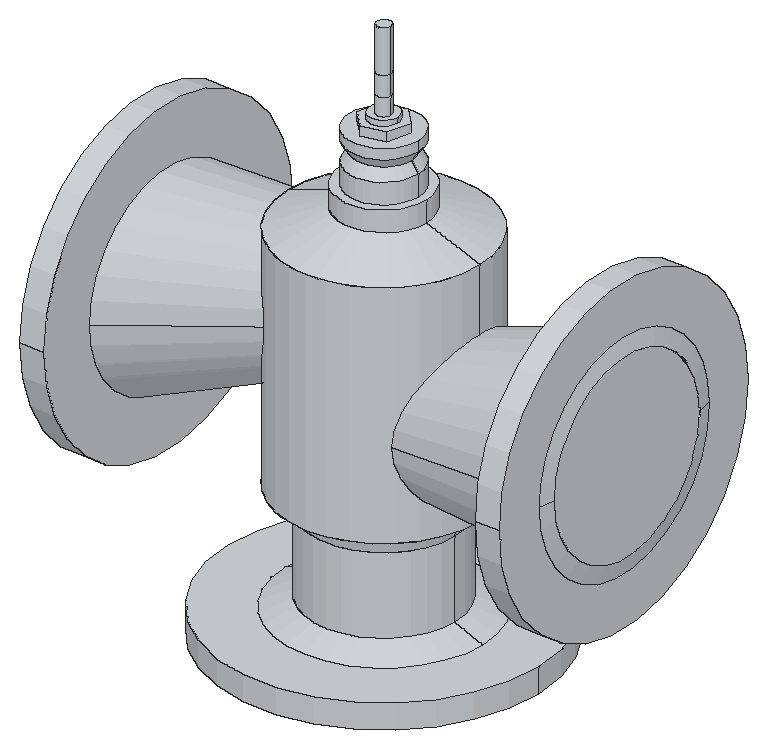
Revit family "3FGB_PN16_DN065_RFA_2018", category Pipe Accessories, Revit 2018
Family settings
  Round Connector Dimension = Use Diameter
  Part Type = Valve - Breaks Into
  Work Plane-Based = No
  Always vertical = Yes
  Cut with Voids When Loaded = No
  Shared = No
Parameters (values of type "3FGB PN16 DN065")
  magiProductId = ""
  magiProductFamilyId = ""
  magiPartTypeId = 320
  isMeasuringValve [instance] = no
  ang2D [instance] = 0.00°
  Z9 = 4.2 mm
  Z8 = 5.7 mm
  Z7 = 3 mm
  Z6 = 6 mm
  Z5 = 6 mm
  Z4 = 12 mm
  Z3 = 136.6 mm
  Z19 = 9.9 mm
  Z18 = 16.25 mm
  Z17 = 2.5 mm
  Z16 = 6.25 mm
  Z15 = 33.25 mm
  Z14__ve = -Z14  # -11.875 mm
  Z14 = 11.875 mm
  Z13 = 6.535 mm
  Z12 = 45.745 mm
  Z11 = 58 mm
  Z10 = 5.1 mm
  Y1 = 51.48 mm
  X4 = 14.3 mm
  X3 = 22.88 mm
  X2__ve = -X2  # -14.3 mm
  X2 = 14.3 mm
  X1 = 2 mm
  W2D = 65 mm
  VersionID = ""
  Use Minimum Symbol Size [instance] = no
  URL = "www.hydronix.cz"
  Type Comments = "Přírubový; EQM charakteristika ve směru A-AB; PN16; -10~+150°C"
  R9 = 4 mm
  R8 = 6.255 mm
  R7 = 8.34 mm
  R6 = 13.9 mm
  R5 = 16.474 mm
  R4 = 20.592 mm
  R3 = 25.74 mm
  R2 = 44.25 mm
  R13 = 42.48 mm
  R12 = 4.378 mm
  R11 = 8.444 mm
  R10 = 5.629 mm
  R1 = 35.4 mm
  QmdConnectorList = "301;D;302;D;303;D"
  Productdata [instance] = ""
  N = 4
  Manufacturer = "Hydronix"
  Maintenance Zone Under Depth [instance] = 175 mm
  Maintenance Zone Right Depth [instance] = 145 mm
  Maintenance Zone Over Depth [instance] = 180 mm
  Maintenance Zone Left Depth [instance] = 145 mm
  Maintenance Zone Front Depth [instance] = 92.5 mm
  Maintenance Zone Back Depth [instance] = 92.5 mm
  Maintenance Zone Front Visibility [instance] = no
  MT = 2
  MC Product Code = "3FGB65 (DN65; PN16; kvs63)"
  MC = yes
  LT2 = 145 mm
  L2D_Min = 30.48 mm
  L2D = 290 mm
  L = 290 mm
  HD = 18 mm
  HCDT2 = 59 mm
  HCD = 145 mm
  H4 = 145 mm
  H3 = 95 mm
  H2 = 25 mm
  H1 = 155 mm
  FDT2 = 92.5 mm
  FD = 185 mm
  Description = "3 cestný regulační ventil přírubový; DN65; PN16; kvs63; zdvih 25mm"
  DT2 = 32.5 mm
  D4 = 53.975 mm
  D3 = 63.5 mm
  D2 = 57.2 mm
  D = 65 mm
  CenSd_R6_6 = R6 * cos(30.00°)  # 12.037 mm
  Clearance Zone Height Depth [instance] = 180 mm
  Clearance Zone Circular Radius [instance] = 145 mm
  Clearance Zone Visibility [instance] = no
  CAT0 = yes
  CAT = no
  Assembly Code = ""
  A1 = 109.28 mm
Types (5, lengths in mm): name | Z9 | Z8 | Z6 | Z5 | Z4 | Z3 | Z19 | Z18 | Z17 | Z16 | Z15 | Z14__ve | Z14 | Z13 | Z12 | Z11 | Z10 | Y1 | X4 | X3 | X2__ve | X2 | W2D | R8 | R7 | R6 | R5 | R4 | R3 | R2 | R13 | R12 | R11 | R10 | R1 | N | Maintenance Zone Under Depth | Maintenance Zone Right Depth | Maintenance Zone Over Depth | Maintenance Zone Left Depth | Maintenance Zone Front Depth | Maintenance Zone Back Depth | MC Product Code | LT2 | L2D | L | HD | HCDT2 | HCD | H4 | H3 | H2 | H1 | FDT2 | FD | Description | DT2 | D4 | D3 | D2 | D | CenSd_R6_6 | Clearance Zone Height Depth | Clearance Zone Circular Radius | A1
  3FGB PN16 DN100 | 4.165 | 5.602 | 5.95 | 5.95 | 11.9 | 166.225 | 9.767 | 29.25 | 4.5 | 11.25 | 40.775 | -14.562 | 14.562 | 7.885 | 55.195 | 72 | 5.082 | 62.28 | 17.3 | 27.68 | -17.3 | 17.3 | 100 | 7.567 | 10.089 | 16.816 | 19.93 | 24.912 | 31.14 | 57.375 | 55.08 | 5.297 | 10.215 | 6.81 | 45.9 | 8 | 207 | 175 | 221 | 175 | 110 | 110 | "3FGB100 (DN100; PN16; kvs130)" | 175 | 350 | 350 | 18 | 76.5 | 180 | 175 | 116.5 | 45 | 176 | 110 | 220 | "3 cestný regulační ventil přírubový; DN100; PN16; kvs130; zdvih 45mm" | 50 | 68.85 | 81 | 69.2 | 100 | 14.563 | 221 | 175 | 132.98
  3FGB PN16 DN125 | 4.2 | 5.7 | 6 | 6 | 12 | 194.35 | 9.9 | 29.25 | 4.5 | 11.25 | 48.65 | -17.375 | 17.375 | 9.01 | 63.07 | 84 | 5.1 | 71.28 | 19.8 | 31.68 | -19.8 | 19.8 | 125 | 8.661 | 11.547 | 19.246 | 22.81 | 28.512 | 35.64 | 68.625 | 65.88 | 6.062 | 11.692 | 7.794 | 54.9 | 8 | 234 | 200 | 244 | 200 | 125 | 125 | "3FGB125 (DN125; PN16; kvs200)" | 200 | 400 | 400 | 18 | 91.5 | 210 | 200 | 139 | 45 | 199 | 125 | 250 | "3 cestný regulační ventil přírubový; DN125; PN16; kvs200; zdvih 45mm" | 62.5 | 81.6 | 96 | 79.2 | 125 | 16.667 | 244 | 200 | 155.48
  3FGB PN16 DN150 | 4.2 | 5.7 | 6 | 6 | 12 | 225.85 | 9.9 | 29.25 | 4.5 | 11.25 | 54.95 | -19.625 | 19.625 | 10.81 | 75.67 | 96 | 5.1 | 85.68 | 23.8 | 38.08 | -23.8 | 23.8 | 150 | 10.41 | 13.88 | 23.134 | 27.418 | 34.272 | 42.84 | 77.625 | 74.52 | 7.287 | 14.054 | 9.369 | 62.1 | 8 | 277 | 240 | 262 | 240 | 142.5 | 142.5 | "3FGB150 (DN150; PN16; kvs300)" | 240 | 480 | 480 | 22 | 103.5 | 240 | 240 | 157 | 45 | 217 | 142.5 | 285 | "3 cestný regulační ventil přírubový; DN150; PN16; kvs300; zdvih 45mm" | 75 | 92.65 | 109 | 95.2 | 150 | 20.034 | 262 | 240 | 180.68
  3FGB PN16 DN065 | 4.2 | 5.7 | 6 | 6 | 12 | 136.6 | 9.9 | 16.25 | 2.5 | 6.25 | 33.25 | -11.875 | 11.875 | 6.535 | 45.745 | 58 | 5.1 | 51.48 | 14.3 | 22.88 | -14.3 | 14.3 | 65 | 6.255 | 8.34 | 13.9 | 16.474 | 20.592 | 25.74 | 44.25 | 42.48 | 4.378 | 8.444 | 5.629 | 35.4 | 4 | 175 | 145 | 180 | 145 | 92.5 | 92.5 | "3FGB65 (DN65; PN16; kvs63)" | 145 | 290 | 290 | 18 | 59 | 145 | 145 | 95 | 25 | 155 | 92.5 | 185 | "3 cestný regulační ventil přírubový; DN65; PN16; kvs63; zdvih 25mm" | 32.5 | 53.975 | 63.5 | 57.2 | 65 | 12.037 | 180 | 145 | 109.28
  3FGB PN16 DN080 | 4.2 | 5.7 | 6 | 6 | 12 | 148.6 | 9.9 | 29.25 | 4.5 | 11.25 | 36.75 | -13.125 | 13.125 | 6.985 | 48.895 | 64 | 5.1 | 55.08 | 15.3 | 24.48 | -15.3 | 15.3 | 80 | 6.692 | 8.923 | 14.872 | 17.626 | 22.032 | 27.54 | 49.875 | 47.88 | 4.685 | 9.034 | 6.023 | 39.9 | 4 | 187 | 155 | 210 | 155 | 100 | 100 | "3FGB80 (DN80; PN16; kvs100)" | 155 | 310 | 310 | 18 | 66.5 | 160 | 155 | 105 | 45 | 165 | 100 | 200 | "3 cestný regulační ventil přírubový; DN80; PN16; kvs100; zdvih 45mm" | 40 | 60.35 | 71 | 61.2 | 80 | 12.879 | 210 | 155 | 118.88
Reference planes
  plane 1 "Center (Front/Back)": y = 0
  plane 2 "XYPLANE": z = 0
  plane 3 "Center (Left/Right)": x = 0
  plane 4 "227": z = -175
  plane 5 "226": y = 92.5
  plane 6 "225": y = -92.5
  plane 7 "224": x = 145
  plane 8 "223": x = -145
  plane 9 "222": z = 180
  plane 10 "182": z = 155
  plane 11 "161": z = 143
  plane 12 "158": z = 137.3
  plane 13 "150": z = 133.1
  plane 14 "148": z = 130.1
  plane 15 "142": z = 125
  plane 16 "136": z = 119
  plane 17 "135": z = 113
  plane 18 "131": z = 107
  plane 19 "78": z = 71.25
  plane 20 "77": z = 83.125
  plane 21 "74": z = 95
  plane 22 "70": z = -65.35
  plane 23 "65": z = -71.885
  plane 24 "64": z = -78.42
  plane 25 "58": z = -124.165
  plane 26 "57": z = -130.7
  plane 27 "46": z = -145
  plane 28 "28": x = 128.7
  plane 29 "27": x = 143
  plane 30 "21": z = -20
  plane 31 "16": z = 33.25
  plane 32 "13": x = -128.7
  plane 33 "7": x = -143
  plane 34 "6": x = 145
  plane 35 "5": x = -145
  plane 36 "3": y = 0
  plane 37 "2": z = 0
  plane 38 "1": x = 0
Forms (mm)
  Extrusion 1, solid, visible <- "Clearance Zone Visibility"
    sketch origin (-750, 0, 0) x (1, 0, 0) y (0, 1, 0)
      loop
        circle (750, 0) r 145
    from 0 to 180 <- "Clearance Zone Height Depth"
  Blend 2, solid, visible <- "Maintenance Zone Front Visibility"
    base sketch origin (-750, 0, 180) x (1, 0, 0) y (0, 1, 0)
      loop
        line (605, 92.5) -> (605, -92.5) -> (895, -92.5) -> (895, 92.5) -> (605, 92.5)
    top sketch origin (-750, 0, 180) x (1, 0, 0) y (0, 1, 0)
      loop
        line (605, 92.5) -> (605, -92.5) -> (895, -92.5) -> (895, 92.5) -> (605, 92.5)
    from 0 to -355
  Extrusion 3, solid
    sketch origin (-750, 0, 133.1) x (1, 0, 0) y (0, 1, 0)
      loop
        circle (750, 0) r 4.378
    from 0 to 9.9 <- "Z19"
  Extrusion 4, solid
    sketch origin (-750, 0, 155) x (1, 0, 0) y (0, 1, 0)
      loop
        circle (750, 0) r 4
    from 0 to 25 <- "H2"
  Extrusion 5, solid
    sketch origin (-750, 0, 143) x (1, 0, 0) y (0, 1, 0)
      loop
        circle (750, 0) r 4
    from 0 to 12 <- "Z4"
  Extrusion 6, solid
    sketch origin (-750, 0, 130.1) x (1, 0, 0) y (0, 1, 0)
      loop
        circle (750, 0) r 8.34
    from 0 to 3 <- "Z7"
  Extrusion 7, solid
    sketch origin (-750, 0, 125) x (1, 0, 0) y (0, 1, 0)
      loop
        line (759.829, -9.829) -> (763.426, 3.597) -> (753.597, 13.426) -> (740.171, 9.829) -> (736.574, -3.597) -> (746.403, -13.426) -> (759.829, -9.829)
    from 0 to 5.1 <- "Z10"
  Extrusion 8, solid
    sketch origin (-750, 0, 119) x (1, 0, 0) y (0, 1, 0)
      loop
        circle (750, 0) r 20.592
    from 0 to 6 <- "Z6"
  Blend 9, solid
    base sketch origin (-750, 0, 113) x (1, 0, 0) y (0, 1, 0)
      loop
        circle (750, 0) r 16.474
    top sketch origin (-750, 0, 113) x (1, 0, 0) y (0, 1, 0)
      loop
        circle (750, 0) r 20.592
    from 0 to 6
  Blend 10, solid
    base sketch origin (-750, 0, 107) x (1, 0, 0) y (0, 1, 0)
      loop
        circle (750, 0) r 20.592
    top sketch origin (-750, 0, 107) x (1, 0, 0) y (0, 1, 0)
      loop
        circle (750, 0) r 16.474
    from 0 to 6
  Extrusion 11, solid
    sketch origin (-750, 0, 95) x (1, 0, 0) y (0, 1, 0)
      loop
        circle (750, 0) r 20.592
    from 0 to 12 <- "Z4"
  Extrusion 12, solid
    sketch origin (-750, 0, 95) x (1, 0, 0) y (0, 1, 0)
      loop
        circle (750, 0) r 25.74
    from 0 to -11.875 <- "Z14__ve"
  Blend 13, solid
    base sketch origin (-750, 0, 71.25) x (1, 0, 0) y (0, 1, 0)
      loop
        circle (750, 0) r 57.2
    top sketch origin (-750, 0, 71.25) x (1, 0, 0) y (0, 1, 0)
      loop
        circle (750, 0) r 25.74
    from 0 to 11.875
  Blend 14, solid
    base sketch origin (-750, 0, -71.885) x (1, 0, 0) y (0, 1, 0)
      loop
        circle (750, 0) r 44.25
    top sketch origin (-750, 0, -71.885) x (1, 0, 0) y (0, 1, 0)
      loop
        circle (750, 0) r 57.2
    from 0 to 6.535
  Blend 15, solid
    base sketch origin (-750, 0, -78.42) x (1, 0, 0) y (0, 1, 0)
      loop
        circle (750, 0) r 42.48
    top sketch origin (-750, 0, -78.42) x (1, 0, 0) y (0, 1, 0)
      loop
        circle (750, 0) r 44.25
    from 0 to 6.535
  Extrusion 16, solid
    sketch origin (-750, 0, -124.165) x (1, 0, 0) y (0, 1, 0)
      loop
        circle (750, 0) r 42.48
    from 0 to 45.745 <- "Z12"
  Blend 17, solid
    base sketch origin (-750, 0, -130.7) x (1, 0, 0) y (0, 1, 0)
      loop
        circle (750, 0) r 59
    top sketch origin (-750, 0, -130.7) x (1, 0, 0) y (0, 1, 0)
      loop
        circle (750, 0) r 42.48
    from 0 to 6.535
  Extrusion 18, solid
    sketch origin (-750, 0, -145) x (1, 0, 0) y (0, 1, 0)
      loop
        circle (750, 0) r 92.5
    from 0 to 14.3 <- "X4"
  Blend 19, solid
    base sketch origin (143, -750, 0) x (0, 1, 0) y (0, 0, 1)
      loop
        circle (750, 0) r 63.5
    top sketch origin (143, -750, 0) x (0, 1, 0) y (0, 0, 1)
      loop
        circle (750, 0) r 53.975
    from 0 to 2
  Blend 20, solid
    base sketch origin (-145, -750, 0) x (0, 1, 0) y (0, 0, 1)
      loop
        circle (750, 0) r 53.975
    top sketch origin (-145, -750, 0) x (0, 1, 0) y (0, 0, 1)
      loop
        circle (750, 0) r 63.5
    from 0 to 2
  Extrusion 21, solid
    sketch origin (143, -750, 0) x (0, 1, 0) y (0, 0, 1)
      loop
        circle (750, 0) r 92.5
    from 0 to -14.3 <- "X2__ve"
  Blend 22, solid
    base sketch origin (0, -750, 0) x (0, 1, 0) y (0, 0, 1)
      loop
        circle (750, -20) r 35.4
    top sketch origin (0, -750, 0) x (0, 1, 0) y (0, 0, 1)
      loop
        circle (750, 0) r 59
    from 0 to 128.7
  Extrusion 23, solid
    sketch origin (-750, 0, -65.35) x (1, 0, 0) y (0, 1, 0)
      loop
        circle (750, 0) r 57.2
    from 0 to 136.6 <- "Z3"
  Blend 24, solid
    base sketch origin (-128.7, -750, 0) x (0, 1, 0) y (0, 0, 1)
      loop
        circle (750, 0) r 59
    top sketch origin (-128.7, -750, 0) x (0, 1, 0) y (0, 0, 1)
      loop
        circle (750, 33.25) r 35.4
    from 0 to 128.7
  Extrusion 25, solid
    sketch origin (-143, -750, 0) x (0, 1, 0) y (0, 0, 1)
      loop
        circle (750, 0) r 92.5
    from 0 to 14.3 <- "X2"
  Extrusion 26, solid, not visible
    sketch origin (-750, 0, -145) x (1, 0, 0) y (0, 1, 0)
      loop
        circle (750, 0) r 10
    from 0 to 10
  Extrusion 27, solid, not visible
    sketch origin (145, -750, 0) x (0, 1, 0) y (0, 0, 1)
      loop
        circle (750, 0) r 10
    from 0 to -10
  Extrusion 28, solid, not visible
    sketch origin (-145, -750, 0) x (0, 1, 0) y (0, 0, 1)
      loop
        circle (750, 0) r 10
    from 0 to 10
Lines and regions (mm)
  reference lines, not visible
    curve 1: circle (2, 2, 0) r 1 normal (0, 0, 1)
  reference lines
    curve 2: line (0, 0, 125) -> (2.176, 8.121, 125)
    curve 3: line (0, 0, 125) -> (-5.945, 5.945, 125)
    curve 4: line (0, 0, 125) -> (-8.121, -2.176, 125)
Dimensions and locks
  plane 1 "Center (Front/Back)" to curve 1 = 2 mm
  "Maintenance Zone Under Depth": plane 2 "XYPLANE" to plane 4 "227"
  "Maintenance Zone Back Depth": plane 1 "Center (Front/Back)" to plane 5 "226"
  "Maintenance Zone Front Depth": plane 1 "Center (Front/Back)" to plane 6 "225"
  "Maintenance Zone Right Depth": plane 3 "Center (Left/Right)" to plane 7 "224"
  "Maintenance Zone Left Depth": plane 3 "Center (Left/Right)" to plane 8 "223"
  "Maintenance Zone Over Depth": plane 2 "XYPLANE" to plane 9 "222"
  "Z4": plane 11 "161" to plane 10 "182"
  "Z8": plane 12 "158" to plane 11 "161"
  "Z9": plane 13 "150" to plane 12 "158"
  "Z7": plane 14 "148" to plane 13 "150"
  "Z10": plane 15 "142" to plane 14 "148"
  "Z6": plane 16 "136" to plane 15 "142"
  "Z5": plane 17 "135" to plane 16 "136"
  "Z5": plane 18 "131" to plane 17 "135"
  "Z4": plane 21 "74" to plane 18 "131"
  "Z14": plane 20 "77" to plane 19 "78"
  "Z14": plane 21 "74" to plane 20 "77"
  "H3": plane 2 "XYPLANE" to plane 21 "74"
  "Z13": plane 23 "65" to plane 22 "70"
  "Z13": plane 24 "64" to plane 23 "65"
  "Z12": plane 25 "58" to plane 24 "64"
  "Z13": plane 26 "57" to plane 25 "58"
  "X4": plane 27 "46" to plane 26 "57"
  "H4": plane 2 "XYPLANE" to plane 27 "46"
  "X2": plane 29 "27" to plane 28 "28"
  "X1": plane 34 "6" to plane 29 "27"
  locked: plane 37 "2" to plane 30 "21" at 20
  "Z15": plane 37 "2" to plane 31 "16"
  "X2": plane 33 "7" to plane 32 "13"
  "X1": plane 35 "5" to plane 33 "7"
  "LT2": plane 3 "Center (Left/Right)" to plane 34 "6"
  "LT2": plane 3 "Center (Left/Right)" to plane 35 "5"
  locked: plane 1 "Center (Front/Back)" to plane 36 "3"
  locked: plane 2 "XYPLANE" to plane 37 "2"
  locked: plane 3 "Center (Left/Right)" to plane 38 "1"
  Blend 2 sketch curve to Blend 2 sketch curve = 0 mm  (x16)
  "CenSd_R6_6": curve 2 to Extrusion 7 sketch curve  (x2)
  "CenSd_R6_6": curve 3 to Extrusion 7 sketch curve  (x2)
  "CenSd_R6_6": curve 4 to Extrusion 7 sketch curve  (x2)
  Extrusion 7 sketch curve to Extrusion 7 sketch curve = 0 mm  (x12)
  "Clearance Zone Circular Radius": radius of Extrusion 1 sketch curve
  "R12": radius of Extrusion 3 sketch curve
  "R9": radius of Extrusion 4 sketch curve
  "R9": radius of Extrusion 5 sketch curve
  "R7": radius of Extrusion 6 sketch curve
  "R4": radius of Extrusion 8 sketch curve
  "R4": radius of Blend 9 sketch curve
  "R5": radius of Blend 9 sketch curve
  "R5": radius of Blend 10 sketch curve
  "R4": radius of Blend 10 sketch curve
  "R4": radius of Extrusion 11 sketch curve
  "R3": radius of Extrusion 12 sketch curve
  "R3": radius of Blend 13 sketch curve
  "D2": radius of Blend 13 sketch curve
  "D2": radius of Blend 14 sketch curve
  "R2": radius of Blend 14 sketch curve
  "R2": radius of Blend 15 sketch curve
  "R13": radius of Blend 15 sketch curve
  "R13": radius of Extrusion 16 sketch curve
  "R13": radius of Blend 17 sketch curve
  "HCDT2": radius of Blend 17 sketch curve
  "FDT2": radius of Extrusion 18 sketch curve
  "D4": radius of Blend 19 sketch curve
  "D3": radius of Blend 19 sketch curve
  "D3": radius of Blend 20 sketch curve
  "D4": radius of Blend 20 sketch curve
  "FDT2": radius of Extrusion 21 sketch curve
  "HCDT2": radius of Blend 22 sketch curve
  "R1": radius of Blend 22 sketch curve
  "D2": radius of Extrusion 23 sketch curve
  "R1": radius of Blend 24 sketch curve
  "HCDT2": radius of Blend 24 sketch curve
  "FDT2": radius of Extrusion 25 sketch curve
  locked: curve 3 to curve 2 (angle 60.00°)
  locked: curve 4 to curve 3 (angle 60.00°)
  locked: curve 4 to curve 2 (angle 120.00°)
  aligned and locked: level to plane 2 "XYPLANE"
  aligned and locked: plane 36 "3" to Extrusion 1 sketch curve
  aligned and locked: plane 38 "1" to Extrusion 1 sketch curve
  aligned and locked: Blend 2 sketch curve to plane 8 "223"  (x2)
  aligned and locked: plane 5 "226" to Blend 2 sketch curve  (x4)
  aligned and locked: plane 6 "225" to Blend 2 sketch curve  (x4)
  aligned and locked: plane 8 "223" to Blend 2 sketch curve  (x2)
  aligned and locked: plane 7 "224" to Blend 2 sketch curve  (x4)
  aligned and locked: Blend 2 to plane 4 "227"
  aligned and locked: plane 36 "3" to Extrusion 3 sketch curve
  aligned and locked: plane 38 "1" to Extrusion 3 sketch curve
  aligned and locked: plane 36 "3" to Extrusion 4 sketch curve
  aligned and locked: plane 38 "1" to Extrusion 4 sketch curve
  aligned and locked: plane 36 "3" to Extrusion 5 sketch curve
  aligned and locked: plane 38 "1" to Extrusion 5 sketch curve
  aligned and locked: plane 36 "3" to Extrusion 6 sketch curve
  aligned and locked: plane 38 "1" to Extrusion 6 sketch curve
  aligned and locked: plane 36 "3" to curve 3
  aligned and locked: plane 38 "1" to curve 4
  aligned and locked: plane 36 "3" to Extrusion 8 sketch curve
  aligned and locked: plane 38 "1" to Extrusion 8 sketch curve
  aligned and locked: plane 36 "3" to Blend 9 sketch curve  (x2)
  aligned and locked: plane 38 "1" to Blend 9 sketch curve  (x2)
  aligned and locked: plane 16 "136" to Blend 9
  aligned and locked: plane 36 "3" to Blend 10 sketch curve  (x2)
  aligned and locked: plane 38 "1" to Blend 10 sketch curve  (x2)
  aligned and locked: plane 17 "135" to Blend 10
  aligned and locked: plane 36 "3" to Extrusion 11 sketch curve
  aligned and locked: plane 38 "1" to Extrusion 11 sketch curve
  aligned and locked: plane 36 "3" to Extrusion 12 sketch curve
  aligned and locked: plane 38 "1" to Extrusion 12 sketch curve
  aligned and locked: plane 36 "3" to Blend 13 sketch curve  (x2)
  aligned and locked: plane 38 "1" to Blend 13 sketch curve  (x2)
  aligned and locked: plane 20 "77" to Blend 13
  aligned and locked: plane 36 "3" to Blend 14 sketch curve  (x2)
  aligned and locked: plane 38 "1" to Blend 14 sketch curve  (x2)
  aligned and locked: plane 22 "70" to Blend 14
  aligned and locked: plane 36 "3" to Blend 15 sketch curve  (x2)
  aligned and locked: plane 38 "1" to Blend 15 sketch curve  (x2)
  aligned and locked: plane 23 "65" to Blend 15
  aligned and locked: plane 36 "3" to Extrusion 16 sketch curve
  aligned and locked: plane 38 "1" to Extrusion 16 sketch curve
  aligned and locked: plane 36 "3" to Blend 17 sketch curve  (x2)
  aligned and locked: plane 38 "1" to Blend 17 sketch curve  (x2)
  aligned and locked: plane 25 "58" to Blend 17
  aligned and locked: plane 36 "3" to Extrusion 18 sketch curve
  aligned and locked: plane 38 "1" to Extrusion 18 sketch curve
  aligned and locked: Blend 19 sketch curve to plane 36 "3"  (x2)
  aligned and locked: plane 37 "2" to Blend 19 sketch curve  (x2)
  aligned and locked: plane 34 "6" to Blend 19
  aligned and locked: Blend 20 sketch curve to plane 36 "3"  (x2)
  aligned and locked: plane 37 "2" to Blend 20 sketch curve  (x2)
  aligned and locked: plane 33 "7" to Blend 20
  aligned and locked: Extrusion 21 sketch curve to plane 36 "3"
  aligned and locked: plane 37 "2" to Extrusion 21 sketch curve
  aligned and locked: Blend 22 sketch curve to plane 36 "3"  (x2)
  aligned and locked: plane 37 "2" to Blend 22 sketch curve
  aligned and locked: plane 30 "21" to Blend 22 sketch curve
  aligned and locked: plane 28 "28" to Blend 22
  aligned and locked: plane 36 "3" to Extrusion 23 sketch curve
  aligned and locked: plane 38 "1" to Extrusion 23 sketch curve
  aligned and locked: plane 31 "16" to Blend 24 sketch curve
  aligned and locked: plane 36 "3" to Blend 24 sketch curve
  aligned and locked: Blend 24 sketch curve to plane 36 "3"
  aligned and locked: plane 37 "2" to Blend 24 sketch curve
  aligned and locked: plane 38 "1" to Blend 24
  aligned and locked: Extrusion 25 sketch curve to plane 36 "3"
  aligned and locked: plane 37 "2" to Extrusion 25 sketch curve
  aligned and locked: plane 36 "3" to Extrusion 26 sketch curve
  aligned and locked: plane 38 "1" to Extrusion 26 sketch curve
  aligned and locked: Extrusion 27 sketch curve to plane 36 "3"
  aligned and locked: plane 37 "2" to Extrusion 27 sketch curve
  aligned and locked: Extrusion 28 sketch curve to plane 36 "3"
  aligned and locked: plane 37 "2" to Extrusion 28 sketch curve
Automatic sketch dimensions
  plane 1 "Center (Front/Back)" to curve 4 = 2.176 mm
  plane 1 "Center (Front/Back)" to Extrusion 26 sketch curve = 10 mm
  plane 1 "Center (Front/Back)" to Extrusion 27 sketch curve = 10 mm
  plane 1 "Center (Front/Back)" to Extrusion 28 sketch curve = 10 mm
  plane 3 "Center (Left/Right)" to curve 1 = 2 mm
  radius of curve 1 = 1 mm
Connectors
  piping at (-145, 0, 0), diameter 65, driven by "D"
    settings: on Extrusion 28, index 1, connector inside diameter 609.6 mm, connector length 0 mm, flow factor 0, pipe flow 0.0 L/s, pressure drop 0.0 Pa, fitting loss kfactor 0, connector angle 0.00°, fixture units 0, engagement length 0 mm, angle of deflection 0.00°, flow configuration 0, flow direction 0, fitting loss method 0, system type 29, joint type 0, gender type 0, connector reference index -1, connector utility 0, adjustable connector yes, is connector primary yes, connector description ""
  piping at (145, 0, 0), diameter 65, driven by "D"
    settings: on Extrusion 27, index 2, connector inside diameter 609.6 mm, connector length 0 mm, flow factor 0, pipe flow 0.0 L/s, pressure drop 0.0 Pa, fitting loss kfactor 0, connector angle 0.00°, fixture units 0, engagement length 0 mm, angle of deflection 0.00°, flow configuration 0, flow direction 0, fitting loss method 0, system type 29, joint type 0, gender type 0, connector reference index -1, connector utility 0, adjustable connector yes, is connector primary no, connector description ""
  piping at (0, 0, -145), diameter 65, driven by "D"
    settings: on Extrusion 26, index 3, connector inside diameter 609.6 mm, connector length 0 mm, flow factor 0, pipe flow 0.0 L/s, pressure drop 0.0 Pa, fitting loss kfactor 0, connector angle 0.00°, fixture units 0, engagement length 0 mm, angle of deflection 0.00°, flow configuration 0, flow direction 0, fitting loss method 0, system type 29, joint type 0, gender type 0, connector reference index -1, connector utility 0, adjustable connector yes, is connector primary no, connector description ""
